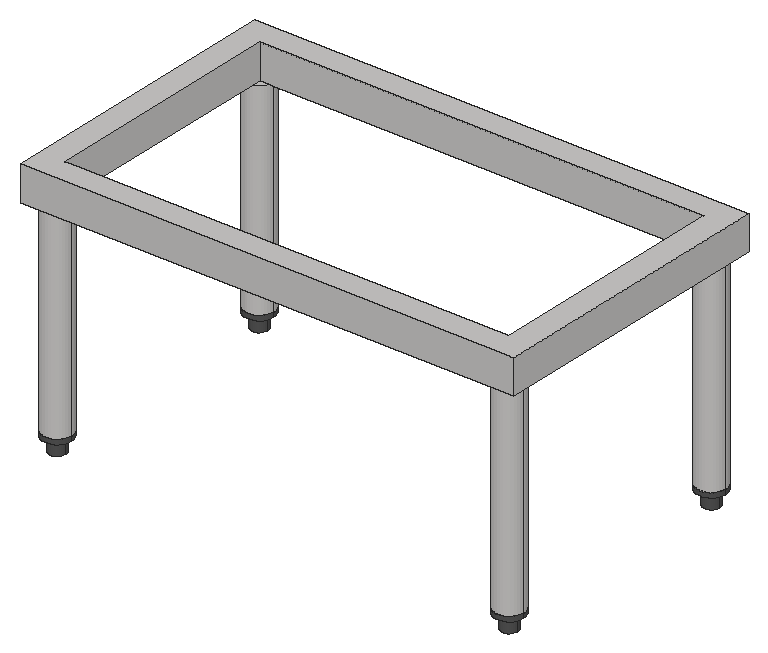
Revit family "QF_CAPIC_PT_W293013", category Equipement spécialisé, Revit 2018
Family settings
  Cote de connecteur circulaire = Utiliser le diamètre
  Type d'élément = Normal
  Numéro OmniClass = 23.40.40.14
  Titre OmniClass = Food Service Equipment
  Basée sur le plan de construction = Non
  Toujours verticalement = Oui
  Couper avec des vides une fois chargée = Non
  Partagée = Non
  Point de calcul de pièce = Non
Parameters (values of type "L=1200mm")
  URL catalogue = "http://www.capic-fr.com/fr/"
  Type de Raccord Plomberie [instance] = ""
  Type de Raccord Electrique [instance] = ""
  Type de Gaz = ""
  Type article [instance] = ""
  Tension = 0 V
  Spécification du Fabricant = ""
  Show Logo = yes
  Remarques evacuation [instance] = ""
  Remarques Plomberie [instance] = ""
  Remarques Electricité [instance] = ""
  Puissance électrique  = 0 W
  Puissance Gaz kW = 0
  Profondeur hors tout = 715 mm
  Pression Maximum Eau Adoucie = 0.0 Pa
  Poids net à vide = 80.00 kg
  Phase = 0
  Modèle = "W293013"
  Longueur hors tout = 1200 mm
  Intensité nominale = 0 A
  Hauteur hors tout = 630 mm
  Hauteur de Raccordement du Sol Finis = 0 mm
  Hauteur de Raccordement Gaz du Sol Finis = 0 mm
  Hauteur de Raccordement Evacuation Directe du Sol Finis = 0 mm
  Hauteur de Raccordement Eau Froide du Sol Finis = 0 mm
  Hauteur de Raccordement Eau Chaude du Sol Finis = 0 mm
  Hauteur de Raccordement Eau Adoucie du Sol Finis = 0 mm
  Fréquence = 0 Hz
  Fabricant = "CAPIC"
  Débit d'air d'extraction = 0.0 m³/h
  Débit Gaz = 0.0 L/s
  Débit Eau Froide = 0.0 L/s
  Débit Eau Chaude = 0.0 L/s
  Débit Eau Adoucie = 0.0 L/s
  Diamètre de Raccordement Gaz = 0 mm
  Diamètre de Raccordement Evacuation = 0 mm
  Diamètre de Raccordement Eau Froide = 0 mm
  Diamètre de Raccordement Eau Chaude = 0 mm
  Diamètre de Raccordement Eau Adoucie = 0 mm
  Description = "Pietement tubes ronds"
  Assembly Code = ""
  Classification  Omniclass nombre et titre = "23.40.40.14"
Reference planes
  plane 1 "Centre (avant/arrière)": y = 0
  plane 2: z = 0
  plane 3 "Centre (gauche/droite)": x = 0
  plane 4 "Centre G/E": y = 0
  plane 5: y = -838
  plane 6: z = 630
  plane 7: y = -123
  plane 8: x = 1200
  plane 9: z = 546
  plane 10: y = -173
  plane 11: y = -788
  plane 12: x = 50
  plane 13: x = 1150
  plane 14: z = 46
Forms (mm)
  Extrusion 1, solid, material "QF_Stainless Steel-Brushed"
    sketch origin (4267.2, -1071.386, 630) x (0, -1, 0) y (1, 0, 0)
      loop
        line (-948.386, -4267.2) -> (-233.386, -4267.2) -> (-233.386, -3067.2) -> (-948.386, -3067.2) -> (-948.386, -4267.2)
      loop
        line (-888.386, -3127.2) -> (-888.386, -4207.2) -> (-293.386, -4207.2) -> (-293.386, -3127.2) -> (-888.386, -3127.2)
    from 0 to -84
  Extrusion 2, solid, material "QF_Stainless Steel-Brushed"
    sketch origin (0, 0, 0) x (1, 0, 0) y (0, 1, 0)
      loop
        circle (50, -173) r 35
    from 46 to 546
  Revolve 3, solid, material "QF_Plastic-Black"
    sketch origin (-199.347, -173, 4000) x (-1, 0, 0) y (0, 0, 1)
      loop
        line (-284.347, -3954) -> (-284.347, -3966) -> (-269.347, -3966) -> (-269.347, -4000) -> (-249.347, -4000) -> (-249.347, -3954) -> (-284.347, -3954)
      axis (-249.347, -4000) -> (-249.347, -3954)
    angle from 0 to 360
  Extrusion 4, solid, material "QF_Stainless Steel-Brushed"
    sketch origin (220, 0, 0) x (1, 0, 0) y (0, 1, 0)
      loop
        circle (930, -173) r 35
    from 46 to 546
  Revolve 5, solid, material "QF_Plastic-Black"
    sketch origin (160.653, -173, 4000) x (-1, 0, 0) y (0, 0, 1)
      loop
        line (-1024.347, -3954) -> (-1024.347, -3966) -> (-1009.347, -3966) -> (-1009.347, -4000) -> (-989.347, -4000) -> (-989.347, -3954) -> (-1024.347, -3954)
      axis (-989.347, -4000) -> (-989.347, -3954)
    angle from 0 to 360
  Extrusion 6, solid, material "QF_Stainless Steel-Brushed"
    sketch origin (0, -615, 0) x (1, 0, 0) y (0, 1, 0)
      loop
        circle (50, -173) r 35
    from 46 to 546
  Revolve 7, solid, material "QF_Plastic-Black"
    sketch origin (-133.843, -788, 4000) x (-1, 0, 0) y (0, 0, 1)
      loop
        line (-218.843, -3954) -> (-218.843, -3966) -> (-203.843, -3966) -> (-203.843, -4000) -> (-183.843, -4000) -> (-183.843, -3954) -> (-218.843, -3954)
      axis (-183.843, -4000) -> (-183.843, -3954)
    angle from 0 to 360
  Extrusion 8, solid, material "QF_Stainless Steel-Brushed"
    sketch origin (230, -615, 0) x (1, 0, 0) y (0, 1, 0)
      loop
        circle (920, -173) r 35
    from 46 to 546
  Revolve 9, solid, material "QF_Plastic-Black"
    sketch origin (-133.843, -788, 4000) x (-1, 0, 0) y (0, 0, 1)
      loop
        line (-1318.843, -3954) -> (-1318.843, -3966) -> (-1303.843, -3966) -> (-1303.843, -4000) -> (-1283.843, -4000) -> (-1283.843, -3954) -> (-1318.843, -3954)
      axis (-1283.843, -4000) -> (-1283.843, -3954)
    angle from 0 to 360
Dimensions and locks
  locked: plane 7 to Extrusion 1 sketch curve at 60
  locked: Extrusion 1 sketch curve to plane 5 at 60
  locked: plane 3 "Centre (gauche/droite)" to Extrusion 1 sketch curve at 60
  locked: Extrusion 1 sketch curve to plane 8 at 60
  "Longueur hors tout": plane 3 "Centre (gauche/droite)" to plane 8
  "Hauteur hors tout": plane 6 to level
  locked: plane 6 to plane 9 at 84
  locked: plane 7 to plane 10 at 50
  locked: plane 11 to plane 5 at 50
  locked: plane 3 "Centre (gauche/droite)" to plane 12 at 50
  locked: plane 13 to plane 8 at 50
  locked: plane 9 to plane 14 at 500
  locked: Revolve 3 sketch curve to plane 12 at 35
  locked: plane 14 to Revolve 3 sketch curve at 12
  locked: Revolve 3 sketch curve to plane 12 at 20
  Revolve 5 sketch curve to Revolve 5 sketch curve to plane 13 = 15 mm locked, 20 mm locked
  "Profondeur hors tout": plane 7 to plane 5
  locked: plane 14 to Revolve 5 sketch curve at 12
  locked: Revolve 7 sketch curve to plane 12 at 20
  locked: Revolve 7 sketch curve to plane 12 at 35
  locked: Revolve 3 to plane 14 at 12
  locked: plane 14 to Revolve 5 at 12
  locked: Revolve 9 sketch curve to plane 13 at 20
  locked: Revolve 9 sketch curve to plane 13 at 35
  aligned and locked: level to plane 2
  aligned and locked: Extrusion 1 sketch curve to plane 7
  aligned and locked: plane 3 "Centre (gauche/droite)" to Extrusion 1 sketch curve
  aligned and locked: plane 5 to Extrusion 1 sketch curve
  aligned and locked: Extrusion 1 sketch curve to plane 8
  aligned and locked: Extrusion 1 to plane 9
  aligned and locked: plane 6 to Extrusion 1
  aligned and locked: plane 9 to Extrusion 2
  aligned and locked: Extrusion 2 to plane 14
  aligned and locked: plane 12 to Extrusion 2 sketch curve
  aligned and locked: plane 10 to Extrusion 2 sketch curve
  aligned and locked: level to Revolve 3 sketch curve
  aligned and locked: plane 12 to Revolve 3 sketch curve
  aligned and locked: Revolve 3 sketch curve to plane 14
  aligned and locked: plane 13 to Extrusion 4 sketch curve
  aligned and locked: Extrusion 4 sketch curve to plane 10
  aligned and locked: plane 13 to Revolve 5 sketch curve  (x2)
  aligned and locked: level to Revolve 5 sketch curve
  aligned and locked: plane 14 to Revolve 5 sketch curve
  aligned and locked: plane 12 to Extrusion 6 sketch curve
  aligned and locked: plane 11 to Extrusion 6 sketch curve
  aligned and locked: plane 9 to Extrusion 6
  aligned and locked: Extrusion 6 to plane 14
  aligned and locked: plane 14 to Revolve 7 sketch curve
  aligned and locked: Revolve 7 sketch curve to level
  aligned and locked: plane 9 to Extrusion 4
  aligned and locked: Extrusion 4 to plane 14
  aligned and locked: plane 13 to Extrusion 8 sketch curve
  aligned and locked: plane 11 to Extrusion 8 sketch curve
  aligned and locked: Revolve 3 to plane 14
  aligned and locked: Extrusion 8 to Extrusion 1
  aligned and locked: plane 14 to Revolve 9 sketch curve
  aligned and locked: level to Revolve 9 sketch curve
  aligned and locked: plane 14 to Extrusion 8
Automatic sketch dimensions
  Revolve 3 sketch curve to plane 12 = 0 mm
  Revolve 3 sketch curve to level = 0 mm
  Revolve 3 sketch curve to plane 14 = 0 mm
  Revolve 5 sketch curve to level = 0 mm
  Revolve 5 sketch curve to plane 14 = 0 mm
  Revolve 9 sketch curve to plane 13 = 0 mm  (x2)
  Revolve 9 sketch curve to plane 14 = 12 mm
  Revolve 9 sketch curve to level = 88.15 mm
  Revolve 9 sketch curve to Revolve 9 sketch curve = 37 mm
  Revolve 7 sketch curve to plane 12 = 0 mm  (x2)
  Revolve 7 sketch curve to plane 14 = 12 mm
  Revolve 7 sketch curve to level = 25 mm
  Revolve 7 sketch curve to Revolve 7 sketch curve = 12 mm
  radius of Extrusion 2 sketch curve = 35 mm
  radius of Extrusion 4 sketch curve = 35 mm
  radius of Extrusion 6 sketch curve = 35 mm
  radius of Extrusion 8 sketch curve = 35 mm
